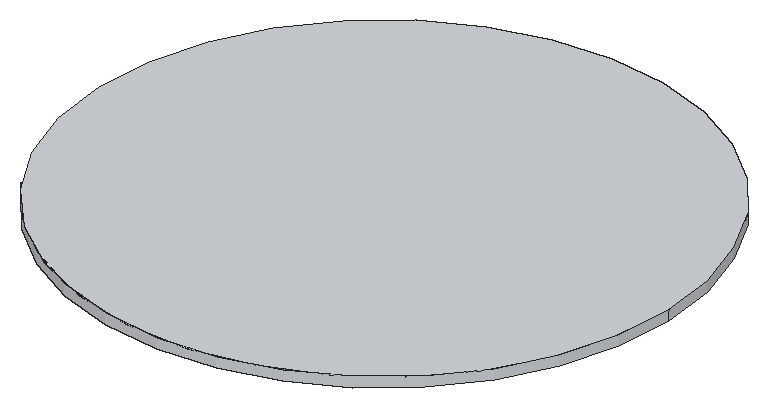
Revit family "CITY", category Lighting Fixtures, host Face, Revit 2023 (continued)
Types (10, lengths in mm): name | Radio | Photometric Web File | built-in parameter 1150142 | Manufacturer | LuxLight_Watios | LuxLight_Temperatura | LuxLight_Lumenes
  LISUP120 | 60 | "LISUP120X 80W 4000K .ies" | "IESNA:LM-63-2002\r\n[TEST] Viso  - serial: n/a sensor serial: n/a\r\n[TESTLAB] Viso  - serial: n/a sensor serial: n/a - Test lab\r\n[MANUFAC] LUXLIGHT\r\n[ISSUEDATE] 12/9/2025\r\n[LUMINAIRE] BIG CITY 120W 4000k Ø800x70mm\r\n[LUMCAT] N/A\r\nTILT=NONE\r\n1 9294 1 91 25 1 2 0 0.8 0\r\n1.0 1.0 114.94\r\n0 1 2 3 4 5 6 7 8 9 10 11 12 13 14 15 16 17 18 19 20 21 22 23 24 25 26 27 28 29 30 31 32 33 34 35 36 37 38 39 40 41 42 43 44 45 46 47 48 49 50 51 52 53 54 55 56 57 58 59 60 61 62 63 64 65 66 67 68 69 70 71 72 73 74 75 76 77 78 79 80\r\n 81 82 83 84 85 86 87 88 89 90\r\n0 15 30 45 60 75 90 105 120 135 150 165 180 195 210 225 240 255 270 285 300 315 330 345 360 \r\n3129.44043 3128.882813 3127.395752 3124.979004 3121.540283 3117.264893 3111.781006 3105.553955 3098.211182 3090.218018 3080.830566 3070.699707 3059.639404 3047.277588 3033.986328 3020.230713 3005.173828 2989.001465 2971.992432 2953.868408\r\n 2934.907715 2915.203369 2893.919189 2872.449219 2849.305908 2825.60498 2800.51001 2775.043213 2748.646973 2720.577881 2692.229736 2662.859131 2632.373291 2600.958252 2568.427734 2535.804199 2501.414551 2466.560547 2430.776855 2393.599121\r\n 2356.235352 2317.19873 2277.604248 2237.823975 2196.463867 2154.638916 2111.698486 2068.386475 2024.144897 1978.787964 1932.687378 1886.122192 1839.185303 1791.31897 1742.615967 1693.169556 1643.351196 1592.975342 1541.391235 1490.829346\r\n 1438.036865 1385.523315 1332.545044 1278.637085 1225.008179 1170.635742 1116.448975 1062.169434 1007.425171 952.86676 898.587219 843.842896 790.306885 736.027344 682.770142 629.698853 577.742859 525.879822 475.039215 425.220978 376.239258\r\n 328.186951 281.621735 236.171906 192.673904 149.082947 108.466209 69.42952 34.110622 9.015614 2.044779\r\n3129.44043 3128.604004 3126.838135 3124.235596 3120.332031 3115.777832 3110.014893 3103.509033 3095.794678 3087.33667 3077.577393 3067.353516 3055.735596 3043.281006 3029.896973 3015.397705 2999.875977 2983.61084 2966.044189 2947.919922\r\n 2928.773438 2908.325684 2887.134277 2864.92041 2841.68457 2817.704834 2792.702637 2766.585449 2739.910156 2711.841064 2682.842285 2653.100098 2622.335449 2590.827148 2558.203857 2524.83667 2490.447266 2455.406982 2418.879883 2381.795166\r\n 2344.152588 2305.023193 2265.24292 2224.997803 2183.637695 2141.161865 2098.779297 2054.816406 2009.738403 1965.032104 1918.745728 1872.180664 1824.407104 1775.797241 1727.094238 1677.83374 1627.08606 1577.546509 1525.311768 1473.913452\r\n 1422.515137 1368.607422 1316.000854 1261.814209 1208.092407 1153.812744 1099.533203 1045.160645 990.230408 936.415588 881.485413 827.019958 773.205078 719.483215 666.040161 613.247681 561.756409 512.031128 462.305847 412.301697 363.22702\r\n 315.174713 268.888367 223.438522 179.568726 137.18605 96.662254 58.369133 24.07262 7.342614 1.951834\r\n3129.44043 3128.232178 3125.908691 3122.841553 3118.658936 3113.73291 3107.505615 3100.534912 3092.448486 3083.432861 3073.487793 3062.42749 3050.623535 3037.611328 3023.855469 3009.17041 2993.276855 2976.453857 2958.887451 2940.019775\r\n 2920.501221 2899.867676 2878.304688 2855.625977 2832.111328 2807.387939 2782.106934 2755.803711 2728.478027 2700.315918 2670.759521 2640.831299 2609.880859 2577.62915 2544.726807 2510.987793 2476.412598 2441.09375 2404.473633 2367.01709\r\n 2328.723877 2289.780273 2249.628174 2208.825439 2167.372314 2124.710693 2081.584473 2037.99353 1992.543701 1947.372681 1901.086304 1853.777588 1806.375977 1758.0448 1708.970093 1659.337769 1609.240723 1558.771851 1506.44397 1454.766968\r\n 1403.368652 1349.739624 1296.482422 1243.318359 1189.4104 1135.037964 1080.851318 1026.664673 971.548645 918.012573 863.361206 809.174561 755.452698 702.288452 648.938354 596.610596 545.119324 493.721039 443.531036 394.177521 345.846405\r\n 298.816498 253.180756 208.846237 164.604675 123.61615 84.486526 48.238182 27.883343 7.435558 1.85889\r\n3129.44043 3127.953369 3125.35083 3122.0979 3117.729492 3112.524658 3106.297363 3098.861816 3090.682861 3081.574219 3071.350342 3060.47583 3048.299805 3035.102051 3021.160156 3006.010254 2989.837891 2973.107666 2955.262695 2935.930176\r\n 2916.69043 2895.592285 2873.936279 2851.350586 2827.463867 2802.83374 2776.995117 2750.691895 2722.994385 2694.925293 2664.99707 2634.976074 2603.932617 2571.308838 2538.871338 2504.760742 2469.44165 2434.122803 2397.874512 2359.488281\r\n 2322.031738 2282.716309 2241.820801 2202.133301 2159.750732 2117.089355 2074.892334 2029.814453 1985.20105 1939.658203 1893.278931 1846.06311 1799.033325 1749.679688 1701.255615 1651.251465 1600.596802 1550.592773 1497.986084 1446.680786\r\n 1394.724731 1341.374634 1288.210449 1234.209717 1181.04541 1126.672852 1072.579224 1018.206726 963.555359 909.275757 855.275085 801.181396 748.110046 694.48114 641.502747 589.453857 538.241455 488.887939 439.534454 390.831543 341.942749\r\n 294.912811 249.184128 204.756683 161.81633 120.734871 81.605247 51.305351 21.098396 7.528502 1.85889\r\n3129.44043 3127.674561 3124.88623 3121.447266 3116.986084 3111.409424 3104.903076 3097.467529 3088.730713 3079.62207 3069.119385 3057.687256 3045.604736 3032.034668 3017.814209 3002.850098 2986.213135 2969.018311 2951.358887 2931.840576\r\n 2911.857422 2891.223633 2868.824219 2845.773926 2822.16626 2797.25708 2771.511475 2745.11499 2716.952881 2688.604736 2659.048584 2628.469727 2597.147461 2564.802734 2531.528564 2497.882813 2462.749756 2426.966309 2390.346191 2352.610596\r\n 2313.666748 2275.094971 2234.478271 2193.675537 2152.222412 2109.003174 2065.969971 2021.728271 1976.928955 1931.665039 1885.006958 1837.791138 1790.296509 1741.50061 1692.611938 1643.072388 1592.696533 1542.506592 1490.364624 1438.408691\r\n 1386.080933 1333.474365 1280.310181 1227.331787 1173.238159 1119.051392 1065.143677 1011.328857 957.049255 903.048584 848.768982 795.51178 741.325134 689.090393 636.019043 583.598328 532.943665 481.824158 432.28476 383.674774 335.901337\r\n 289.522034 244.258087 200.945953 157.726776 117.481819 79.467529 46.379295 27.139786 7.90028 2.044779\r\n3129.44043 3127.674561 3125.165039 3121.633301 3117.078857 3111.502197 3104.996094 3097.653564 3089.28833 3079.994141 3069.584229 3058.1521 3046.162354 3032.499268 3018.650635 3003.314697 2986.863525 2969.947754 2951.823486 2932.490967\r\n 2912.879883 2891.874268 2869.567627 2846.889404 2823.095459 2798.186523 2772.626709 2745.95166 2718.25415 2690.277832 2660.256836 2629.678223 2598.913574 2566.382813 2533.666504 2499.648682 2464.144043 2428.917969 2392.57666 2353.911621\r\n 2316.548096 2277.139648 2236.244141 2196.37085 2154.638916 2111.512695 2069.315674 2025.353027 1979.531494 1934.918091 1887.795288 1841.137085 1794.479004 1744.939575 1696.32959 1646.790283 1595.949585 1546.967773 1494.547241 1443.334717\r\n 1391.00708 1337.563965 1285.422119 1231.421387 1178.907715 1124.25647 1070.720337 1016.254883 962.25415 908.346375 854.531494 800.623718 747.273621 694.202332 642.153381 589.825623 538.706177 489.910339 441.114471 392.132751 343.894562\r\n 297.422302 251.786591 207.452072 165.348221 124.266762 85.787758 54.837238 23.979673 8.550892 2.323612\r\n3129.44043 3128.510986 3126.838135 3123.956787 3120.23877 3115.684814 3109.829102 3103.137207 3095.608887 3087.057861 3077.577393 3066.981934 3055.642578 3043.281006 3029.711182 3015.397705 3000.247803 2983.703613 2966.601807 2948.663574\r\n 2928.959229 2909.255127 2888.249756 2865.849854 2842.892822 2819.284668 2794.375732 2767.979492 2741.955078 2713.885742 2685.444824 2656.167236 2625.588623 2594.359131 2562.014404 2529.205078 2494.722656 2460.054443 2424.36377 2387.836426\r\n 2350.751709 2311.993896 2273.143066 2233.27002 2192.188232 2150.64209 2107.701904 2065.412109 2021.728271 1975.906616 1932.036743 1885.192871 1837.69812 1791.040161 1742.430054 1693.913086 1644.187866 1594.648315 1543.621826 1492.502441\r\n 1441.197144 1389.333984 1336.727417 1284.027954 1231.049683 1177.885376 1123.977539 1070.16272 1015.976074 962.811829 908.811096 855.460938 801.367249 748.853638 696.339966 643.17572 592.242188 541.308594 492.512787 443.716919 395.199921\r\n 347.891174 300.768341 255.690247 211.448685 169.158951 128.449265 89.970253 54.18663 25.187954 8.92267\r\n3129.44043 3128.325195 3126.094482 3123.027344 3118.751953 3113.825684 3107.691406 3100.534912 3092.727539 3083.71167 3074.04541 3063.078125 3051.27417 3038.633545 3024.785156 3010.192871 2994.485107 2977.940918 2960.095703 2941.785645\r\n 2922.26709 2901.819336 2880.442139 2857.949707 2834.713623 2810.455078 2785.359863 2759.149658 2732.474609 2704.405273 2675.12793 2645.571533 2615.271729 2582.926758 2550.861084 2518.144775 2483.104736 2448.250488 2412.466797 2375.196289\r\n 2337.925293 2299.260498 2259.573242 2219.699951 2178.897461 2136.793457 2094.410889 2051.098877 2006.671265 1961.871948 1916.886841 1870.600586 1823.849487 1776.168945 1727.837891 1679.599731 1629.130859 1580.149048 1528.936646 1477.910156\r\n 1426.511841 1374.462891 1322.135254 1269.249756 1217.10791 1163.293091 1110.314697 1056.035156 1002.684998 948.498352 895.334106 841.984009 788.540894 735.841431 683.792542 631.000061 580.159424 529.597656 479.407623 430.23999 382.187683\r\n 334.78598 288.499634 244.165146 201.41069 158.656219 118.875984 81.140526 47.40168 27.325676 7.435558\r\n3129.44043 3128.13916 3126.001709 3122.748535 3118.473145 3113.454102 3107.319824 3100.070068 3092.076904 3083.154053 3073.116211 3062.241699 3050.251953 3037.239502 3023.855469 3008.705566 2993.276855 2976.546875 2958.608643 2940.112549\r\n 2920.408447 2899.681885 2878.862305 2855.904785 2832.390137 2808.781982 2782.943604 2756.826172 2730.336914 2701.617188 2673.269043 2643.526611 2611.739746 2581.160889 2548.165771 2514.333984 2480.966797 2444.718506 2409.027832 2372.686523\r\n 2334.20752 2296.193359 2256.970703 2215.982178 2175.644287 2133.633545 2090.135254 2048.496338 2003.325195 1957.596558 1913.633789 1866.696777 1819.759888 1773.194824 1723.748291 1675.138306 1626.063721 1575.2229 1525.311768 1474.00647\r\n 1422.329346 1370.652222 1317.302124 1265.253174 1211.810059 1158.924683 1105.109863 1051.852661 997.758911 944.780579 890.129211 837.522705 782.778381 731.565979 678.029968 627.096375 575.140442 524.206848 475.782776 427.358704 379.306427\r\n 332.555328 285.990143 241.005035 197.135223 155.496109 115.158203 77.794525 47.866405 18.124174 6.041391\r\n3129.44043 3128.046387 3125.7229 3122.376709 3117.915283 3112.803467 3106.390381 3099.233398 3091.147461 3081.945801 3072.000732 3060.847656 3048.671631 3036.03125 3021.717773 3006.84668 2991.232178 2974.223389 2956.191895 2937.788818\r\n 2917.713135 2897.172119 2875.887939 2852.744873 2829.787354 2805.25 2779.597412 2753.572998 2726.43335 2698.270996 2669.365479 2638.879639 2608.301025 2576.79248 2543.983398 2510.430176 2476.412598 2440.164307 2404.659424 2368.039307\r\n 2329.65332 2291.360107 2251.487061 2211.148926 2170.067627 2128.800293 2085.766846 2042.454834 1998.39917 1953.228271 1907.592529 1861.770752 1814.369141 1766.874512 1719.008057 1670.026367 1620.115112 1570.018066 1519.735229 1468.336792\r\n 1417.031494 1364.796631 1312.56189 1259.397705 1207.162842 1153.348022 1099.904907 1046.55481 992.368164 938.92511 885.203186 832.131897 778.50293 726.268127 673.754517 621.61261 570.586121 519.745483 469.741364 420.759644 372.800293\r\n 325.39859 279.576965 235.707199 192.859787 150.012375 110.232147 72.77552 38.850788 15.986449 5.297835\r\n3129.44043 3128.232178 3126.094482 3123.027344 3118.844727 3113.73291 3107.784424 3100.720703 3092.727539 3083.897705 3073.952637 3062.985107 3051.367188 3038.540771 3024.785156 3010.099854 2994.578125 2977.569092 2960.095703 2941.413818\r\n 2921.988281 2901.354736 2880.256348 2857.577881 2834.341797 2810.362061 2785.081055 2758.685059 2732.195801 2703.940674 2674.849121 2645.47876 2614.528076 2583.205811 2550.861084 2517.029297 2483.104736 2447.599854 2412.002197 2375.475098\r\n 2337.739502 2299.260498 2259.852051 2219.421143 2178.432617 2136.979492 2094.039063 2051.563477 2007.135986 1961.964966 1917.351563 1870.786377 1823.849487 1776.633667 1728.116699 1679.506714 1629.595459 1579.963135 1529.401367 1478.28186\r\n 1426.697754 1374.648804 1321.856323 1269.249756 1216.550293 1163.200073 1109.199463 1055.66333 1002.220276 948.3125 894.776489 841.426331 787.518494 735.283752 682.491333 630.070618 579.415833 528.296387 479.872314 431.355316 382.931244\r\n 335.343658 288.778503 243.979248 200.01651 157.819717 117.017097 78.631027 46.751072 15.057005 5.111946\r\n3129.44043 3128.418213 3126.373535 3123.584961 3119.588379 3114.848145 3108.899658 3101.928955 3094.307373 3085.570801 3075.904541 3065.216064 3053.690674 3041.050293 3027.387451 3012.702148 2997.459229 2980.915283 2963.348877 2945.317627\r\n 2925.89209 2905.537354 2884.717773 2862.318115 2839.174805 2815.381104 2790.100098 2764.261475 2737.58667 2709.88916 2681.169434 2651.241211 2620.941162 2589.804932 2557.460205 2524.464844 2490.168457 2455.0354 2419.623535 2383.096436\r\n 2345.175049 2307.067871 2268.402832 2227.971924 2186.797607 2145.809082 2103.240479 2060.300049 2016.709229 1972.00293 1926.460205 1880.173828 1833.701538 1786.48584 1738.71228 1689.637695 1640.098267 1590.837646 1539.99707 1488.970459\r\n 1437.665161 1386.080933 1333.939087 1280.495972 1227.703491 1174.632202 1121.375 1067.839111 1014.117188 960.116455 906.67334 853.323242 799.880127 747.366577 694.574097 642.153381 590.66217 539.542725 489.352661 439.62738 391.389191\r\n 341.570953 290.63739 241.283875 194.997498 148.804108 112.276932 77.608635 45.078072 17.287672 5.390779\r\n3129.44043 3128.789795 3127.302734 3124.793213 3121.261475 3116.986084 3111.409424 3105.088867 3097.746338 3089.474365 3080.272949 3069.770264 3059.081543 3046.626953 3033.428711 3019.394287 3004.430176 2988.257813 2971.527832 2953.496826\r\n 2934.535889 2914.831787 2894.012207 2871.891357 2849.770508 2826.06958 2801.34668 2776.065674 2749.483398 2722.250732 2694.088379 2664.904053 2635.161865 2603.932617 2571.959473 2539.707764 2505.50415 2470.649902 2436.167725 2399.640381\r\n 2362.462646 2325.099121 2285.690674 2246.375 2206.2229 2164.305176 2122.666016 2080.376221 2036.320435 1991.986084 1947.372681 1900.807495 1854.892944 1807.584106 1759.438965 1711.479614 1661.661377 1612.679565 1562.303711 1510.8125\r\n 1460.25061 1408.015869 1356.524658 1303.267456 1250.753784 1197.682617 1143.867676 1090.889282 1036.14502 983.166687 929.165894 875.629944 821.257385 769.022583 715.858337 662.880005 611.853516 560.269287 511.380493 462.398773 413.788818\r\n 364.528229 313.22287 264.055267 214.608795 167.671829 124.731483 90.434975 57.346741 26.768009 8.457947\r\n3129.44043 3129.254639 3128.13916 3125.908691 3122.748535 3118.658936 3113.546875 3107.598633 3100.534912 3092.727539 3083.71167 3073.580811 3063.078125 3051.367188 3038.354736 3024.785156 3010.192871 2994.392334 2977.662109 2960.188721\r\n 2941.692627 2922.174316 2901.912354 2880.442139 2858.042725 2834.992432 2810.455078 2785.452881 2759.986084 2732.381592 2704.498291 2676.057373 2646.036377 2615.271729 2583.763672 2551.69751 2518.237793 2484.03418 2449.365723 2413.303223\r\n 2376.311523 2338.668945 2300.561768 2260.967285 2220.908203 2180.012695 2137.723145 2095.990723 2052.771729 2007.786499 1963.730957 1918.745728 1872.087646 1825.336548 1777.284302 1729.510742 1680.157349 1630.989624 1580.892578 1530.516724\r\n 1479.025391 1427.998901 1375.578247 1323.436401 1271.015625 1217.572632 1164.501343 1110.593506 1056.592773 1002.592041 949.613708 895.612976 841.705139 789.191589 735.841431 683.141907 631.464783 579.601746 528.668152 478.571106\r\n 429.403503 381.072327 331.718811 281.99353 232.918854 185.517181 144.435715 107.536758 72.403748 40.152016 15.335838\r\n3129.44043 3129.626221 3128.789795 3127.116943 3124.328369 3120.61084 3116.149414 3110.572998 3103.973633 3096.631104 3087.987305 3078.413818 3068.375977 3056.943848 3044.489258 3031.477051 3016.977783 3001.827637 2985.934326 2968.739502\r\n 2950.615234 2931.654541 2911.671631 2890.666016 2868.731201 2846.052734 2822.259033 2797.442871 2771.976074 2745.487061 2717.696533 2689.534424 2660.442627 2630.142
